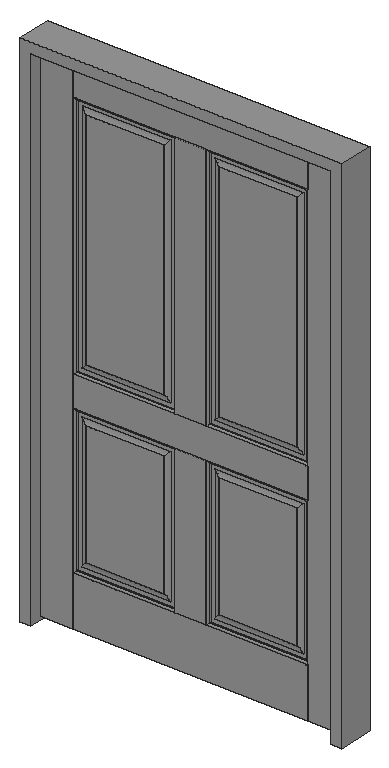
Revit family "I12004P", category Doors, host Wall, Revit 2015
Parameters (values of type "I12004P")
  Function = Interior
  Frame Projection Ext. = 25 mm
  Frame Projection Int. = 25 mm
  Frame Width = 75 mm
  Height = 2090 mm
  Wall Closure = By host
  Width = 1284 mm
Reference planes
  plane 1: y = 0
  plane 2 "Center (Left/Right)": x = 0
  plane 3 "Left": x = -642
  plane 4 "Right": x = 642
  plane 5: z = 2090
  plane 6 "Exterior": y = 75
  plane 7 "Interior": y = -75
Forms (mm)
  Sweep 1, solid, material "Lauan, Meranti"
    path origin (0, 75, 0) x (1, 0, 0) y (0, 0, 1)
      loop
        line (642, 0) -> (642, 2090) -> (-642, 2090) -> (-642, 0)
    profile "Van Acht 140x42 Pivot Door Frame Profile : Van Acht 140x42 Pivot Door Frame Profile" origin (642, 75, 1045) x (-1, 0, 0) y (0, -1, 0)
      loop
        line (0, 5) -> (42, 5) -> (42, 145) -> (0, 145) -> (0, 5)
  Extrusion 2, solid, material "Lauan, Meranti"
    sketch origin (193.5, -112.5, -4) x (0, 1, 0) y (0, 0, 1)
      loop
        line (122.5, 230) -> (122.5, 215) -> (102.5, 215) -> (102.5, 230) -> (98, 230) -> (98, 228)
        arc (98, 228) -> (93.634, 225.67) -> (92, 221) r 6.807
        line (92, 221) -> (90, 221) -> (90, 20) -> (135, 20) -> (135, 221) -> (133, 221)
        arc (133, 221) -> (131.366, 225.67) -> (127, 228) r 6.807
        line (127, 228) -> (127, 230) -> (122.5, 230)
      loop
        line (122.5, 815) -> (122.5, 800) -> (127, 800) -> (127, 802)
        arc (127, 802) -> (131.366, 804.33) -> (133, 809) r 6.807
        line (133, 809) -> (135, 809) -> (135, 931) -> (133, 931)
        arc (133, 931) -> (131.366, 935.67) -> (127, 938) r 6.807
        line (127, 938) -> (127, 940) -> (122.5, 940) -> (122.5, 925) -> (102.5, 925) -> (102.5, 940) -> (98, 940) -> (98, 938)
        arc (98, 938) -> (93.634, 935.67) -> (92, 931) r 6.807
        line (92, 931) -> (90, 931) -> (90, 809) -> (92, 809)
        arc (92, 809) -> (93.634, 804.33) -> (98, 802) r 6.807
        line (98, 802) -> (98, 800) -> (102.5, 800) -> (102.5, 815) -> (122.5, 815)
      loop
        line (122.5, 1927) -> (122.5, 1912) -> (127, 1912) -> (127, 1914)
        arc (127, 1914) -> (131.366, 1916.33) -> (133, 1921) r 6.807
        line (133, 1921) -> (135, 1921) -> (135, 2052) -> (90, 2052) -> (90, 1921) -> (92, 1921)
        arc (92, 1921) -> (93.634, 1916.33) -> (98, 1914) r 6.807
        line (98, 1914) -> (98, 1912) -> (102.5, 1912) -> (102.5, 1927) -> (122.5, 1927)
    from -662.5 to 275.5
  Extrusion 3, solid, material "Lauan, Meranti"
    sketch origin (193.5, -27.5, -4) x (1, 0, 0) y (0, 1, 0)
      loop
        line (-793.5, 50) -> (-793.5, 5) -> (-662.5, 5) -> (-662.5, 7)
        arc (-662.5, 7) -> (-657.765, 8.56) -> (-655.5, 13) r 6.549
        line (-655.5, 13) -> (-653.5, 13) -> (-653.5, 17.5) -> (-668.5, 17.5) -> (-668.5, 37.5) -> (-653.5, 37.5) -> (-653.5, 42) -> (-655.5, 42)
        arc (-655.5, 42) -> (-657.765, 46.44) -> (-662.5, 48) r 6.549
        line (-662.5, 48) -> (-662.5, 50) -> (-793.5, 50)
      loop
        line (406.5, 50) -> (275.5, 50) -> (275.5, 48)
        arc (275.5, 48) -> (270.765, 46.44) -> (268.5, 42) r 6.549
        line (268.5, 42) -> (266.5, 42) -> (266.5, 37.5) -> (281.5, 37.5) -> (281.5, 17.5) -> (266.5, 17.5) -> (266.5, 13) -> (268.5, 13)
        arc (268.5, 13) -> (270.765, 8.56) -> (275.5, 7) r 6.549
        line (275.5, 7) -> (275.5, 5) -> (406.5, 5) -> (406.5, 50)
    from 20 to 2052
  Sweep 4, solid, material "Lauan, Meranti"
    path origin (193.5, 47.5, -4) x (1, 0, 0) y (0, 0, 1)
      loop
        line (275.5, 1921) -> (-132.5, 1921) -> (-132.5, 931) -> (275.5, 931) -> (275.5, 1921)
    profile origin (265, 47.5, 1917) x (0, 0, -1) y (0, -1, 0)
      loop
        line (-4.5, 57.5) -> (-4.5, 37.5) -> (25.727, 37.5)
        arc (25.727, 37.5) -> (37.468, 35.847) -> (48.5, 31.5) r 50.456
        line (48.5, 31.5) -> (48.5, 63.5)
        arc (48.5, 63.5) -> (37.468, 59.153) -> (25.727, 57.5) r 50.456
        line (25.727, 57.5) -> (-4.5, 57.5)
  Sweep 5, solid, material "Lauan, Meranti"
    path origin (193.5, 47.5, -4) x (1, 0, 0) y (0, 0, 1)
      loop
        line (275.5, 809) -> (-132.5, 809) -> (-132.5, 221) -> (275.5, 221) -> (275.5, 809)
    profile origin (265, 47.5, 805) x (0, 0, -1) y (0, -1, 0)
      loop
        line (-4.5, 57.5) -> (-4.5, 37.5) -> (25.727, 37.5)
        arc (25.727, 37.5) -> (37.468, 35.847) -> (48.5, 31.5) r 50.456
        line (48.5, 31.5) -> (48.5, 63.5)
        arc (48.5, 63.5) -> (37.468, 59.153) -> (25.727, 57.5) r 50.456
        line (25.727, 57.5) -> (-4.5, 57.5)
  Extrusion 6, solid, material "Lauan, Meranti"
    sketch origin (193.5, 47.5, -4) x (1, 0, 0) y (0, 0, 1)
      loop
        line (227, 760.5) -> (-84, 760.5) -> (-84, 269.5) -> (227, 269.5) -> (227, 760.5)
    from 31.5 to 63.5
  Extrusion 7, solid, material "Lauan, Meranti"
    sketch origin (193.5, 47.5, 711) x (1, 0, 0) y (0, 0, 1)
      loop
        line (227, 1157.5) -> (-84, 1157.5) -> (-84, 264.5) -> (227, 264.5) -> (227, 1157.5)
    from 31.5 to 63.5
  Sweep 8, solid, material "Lauan, Meranti"
    path origin (-336.5, 47.5, -4) x (1, 0, 0) y (0, 0, 1)
      loop
        line (275.5, 1921) -> (-132.5, 1921) -> (-132.5, 931) -> (275.5, 931) -> (275.5, 1921)
    profile origin (-265, 47.5, 1917) x (0, 0, -1) y (0, -1, 0)
      loop
        line (-4.5, 57.5) -> (-4.5, 37.5) -> (25.727, 37.5)
        arc (25.727, 37.5) -> (37.468, 35.847) -> (48.5, 31.5) r 50.456
        line (48.5, 31.5) -> (48.5, 63.5)
        arc (48.5, 63.5) -> (37.468, 59.153) -> (25.727, 57.5) r 50.456
        line (25.727, 57.5) -> (-4.5, 57.5)
  Sweep 9, solid, material "Lauan, Meranti"
    path origin (-336.5, 47.5, -4) x (1, 0, 0) y (0, 0, 1)
      loop
        line (275.5, 809) -> (-132.5, 809) -> (-132.5, 221) -> (275.5, 221) -> (275.5, 809)
    profile origin (-265, 47.5, 805) x (0, 0, -1) y (0, -1, 0)
      loop
        line (-4.5, 57.5) -> (-4.5, 37.5) -> (25.727, 37.5)
        arc (25.727, 37.5) -> (37.468, 35.847) -> (48.5, 31.5) r 50.456
        line (48.5, 31.5) -> (48.5, 63.5)
        arc (48.5, 63.5) -> (37.468, 59.153) -> (25.727, 57.5) r 50.456
        line (25.727, 57.5) -> (-4.5, 57.5)
  Extrusion 10, solid, material "Lauan, Meranti"
    sketch origin (-336.5, 47.5, -4) x (1, 0, 0) y (0, 0, 1)
      loop
        line (227, 760.5) -> (-84, 760.5) -> (-84, 269.5) -> (227, 269.5) -> (227, 760.5)
    from 31.5 to 63.5
  Extrusion 11, solid, material "Lauan, Meranti"
    sketch origin (-336.5, 47.5, 711) x (1, 0, 0) y (0, 0, 1)
      loop
        line (227, 1157.5) -> (-84, 1157.5) -> (-84, 264.5) -> (227, 264.5) -> (227, 1157.5)
    from 31.5 to 63.5
  Extrusion 12, solid, material "Lauan, Meranti"
    sketch origin (0, 0, 0) x (1, 0, 0) y (0, 1, 0)
      loop
        line (-68, 14.5) -> (-70, 14.5) -> (-70, 10) -> (-55, 10) -> (-55, -10) -> (-70, -10) -> (-70, -14.5) -> (-68, -14.5)
        arc (-68, -14.5) -> (-65.735, -18.94) -> (-61, -20.5) r 6.549
        line (-61, -20.5) -> (-61, -22.5) -> (61, -22.5) -> (61, -20.5)
        arc (61, -20.5) -> (65.735, -18.94) -> (68, -14.5) r 6.549
        line (68, -14.5) -> (70, -14.5) -> (70, -10) -> (55, -10) -> (55, 10) -> (70, 10) -> (70, 14.5) -> (68, 14.5)
        arc (68, 14.5) -> (65.735, 18.94) -> (61, 20.5) r 6.549
        line (61, 20.5) -> (61, 22.5) -> (-61, 22.5) -> (-61, 20.5)
        arc (-61, 20.5) -> (-65.735, 18.94) -> (-68, 14.5) r 6.549
    from 217 to 805
  Extrusion 13, solid, material "Lauan, Meranti"
    sketch origin (0, 0, 665) x (1, 0, 0) y (0, 1, 0)
      loop
        line (-68, 14.5) -> (-70, 14.5) -> (-70, 10) -> (-55, 10) -> (-55, -10) -> (-70, -10) -> (-70, -14.5) -> (-68, -14.5)
        arc (-68, -14.5) -> (-65.735, -18.94) -> (-61, -20.5) r 6.549
        line (-61, -20.5) -> (-61, -22.5) -> (61, -22.5) -> (61, -20.5)
        arc (61, -20.5) -> (65.735, -18.94) -> (68, -14.5) r 6.549
        line (68, -14.5) -> (70, -14.5) -> (70, -10) -> (55, -10) -> (55, 10) -> (70, 10) -> (70, 14.5) -> (68, 14.5)
        arc (68, 14.5) -> (65.735, 18.94) -> (61, 20.5) r 6.549
        line (61, 20.5) -> (61, 22.5) -> (-61, 22.5) -> (-61, 20.5)
        arc (-61, 20.5) -> (-65.735, 18.94) -> (-68, 14.5) r 6.549
    from 262 to 1252
Lines and regions (mm)
  Opening 1
    outline origin (-3050, -75, 0) x (1, 0, 0) y (0, 0, 1)
      loop
        line (2408, 0) -> (3692, 0) -> (3692, 2090) -> (2408, 2090) -> (2408, 0)
  symbolic lines, style "Elevation Swing"
    curve 1: line (642, -75, 1045) -> (-300, -75, 2048)
    curve 2: line (642, -75, 1045) -> (-300, -75, 0)
    curve 3: line (-600, -75, 1045) -> (-300, -75, 2048)
    curve 4: line (-600, -75, 1045) -> (-300, -75, 0)
  model lines
    curve 5: line (-600, 22.5, 0) -> (600, 22.5, 0)
    curve 6: line (-600, -22.5, 0) -> (600, -22.5, 0)
    curve 7: line (-300, 22.5, 0) -> (-300, 922.5, 0)
    curve 8: arc (600, 22.5, 0) -> (336.396, 658.896, 0) -> (-300, 922.5, 0) r 900
    curve 9: line (-300, -22.5, 0) -> (-300, -322.5, 0)
    curve 10: arc (-300, -322.5, 0) -> (-512.132, -234.632, 0) -> (-600, -22.5, 0) r 300
  model lines, style "Elevation Swing"
    curve 11: line (-300, 0, 0) -> (-300, 0, 2048)
Text (mm)
  text "Exterior" at (-2295.016, 1099.543, 0), in view "Ref. Level"
  text "Exterior" at (0, 1615.38, 3698.081), in view "Left"
  text "Exterior" at (0, 1036.032, 3874.932), in view "Right"
Dimensions and locks
  equal spacing: plane 3 "Left", plane 2 "Center (Left/Right)", plane 4 "Right"
  "Width": plane 3 "Left" to plane 4 "Right"
  "Height": plane 5 to host wall
  equal spacing: host wall, curve 2, plane 5
  host wall to plane 5 = 2090 mm
  locked: plane 6 "Exterior" to host wall at 0
  locked: plane 7 "Interior" to host wall
  aligned and locked: plane 3 "Left" to Opening 1 sketch curve
  aligned and locked: plane 5 to Opening 1 sketch curve  (x2)
  aligned and locked: Opening 1 sketch curve to plane 4 "Right"
  aligned and locked: Opening 1 sketch curve to level
  aligned and locked: plane 1 to host wall
  aligned and locked: Extrusion 7 to Sweep 4
  aligned and locked: Extrusion 6 to Sweep 5
  aligned and locked: Extrusion 11 to Sweep 8
  aligned and locked: Extrusion 10 to Sweep 9
  aligned and locked: Extrusion 12 to Extrusion 2  (x2)
  aligned and locked: Extrusion 13 to Extrusion 2  (x2)
Automatic sketch dimensions
  curve 11 to level = 0 mm
  curve 2 to level = 0 mm
  plane 4 "Right" to curve 2 = 0 mm
  plane 5 to curve 11 = 42 mm
  curve 1 to curve 11 = 0 mm  (x2)
  curve 11 to plane 2 "Center (Left/Right)" = 300 mm
  curve 2 to curve 11 = 0 mm
  plane 3 "Left" to Sweep 1 sketch curve = 0 mm
  plane 4 "Right" to Sweep 1 sketch curve = 0 mm
  Sweep 1 sketch curve to level = 0 mm  (x2)
  Sweep 1 sketch curve to plane 5 = 0 mm
  curve 4 to level = 0 mm
  curve 4 to plane 3 "Left" = 42 mm
  level to curve 4 = 1045 mm
  curve 4 to plane 2 "Center (Left/Right)" = 300 mm
  plane 5 to curve 3 = 42 mm
  curve 3 to plane 2 "Center (Left/Right)" = 300 mm
  curve 6 to plane 3 "Left" = 42 mm
  curve 7 to plane 2 "Center (Left/Right)" = 300 mm
  curve 10 to curve 8 = 0 mm
  plane 4 "Right" to curve 5 = 42 mm
  host wall to curve 9 = 247.5 mm
  curve 5 to host wall = 22.5 mm
  curve 5 to plane 3 "Left" = 42 mm
  plane 4 "Right" to curve 6 = 42 mm
  host wall to Extrusion 2 sketch curve = 22.5 mm  (x3)
  Extrusion 2 sketch curve to Extrusion 2 sketch curve = 2 mm  (x15)
  Extrusion 2 sketch curve to Extrusion 2 sketch curve = 6 mm  (x8)
  Extrusion 2 sketch curve to Extrusion 2 sketch curve = 0.803 mm  (x3)
  Extrusion 2 sketch curve to Extrusion 2 sketch curve = 6.803 mm  (x5)
  Extrusion 2 sketch curve to Extrusion 2 sketch curve = 3.697 mm  (x6)
  Extrusion 2 sketch curve to Extrusion 2 sketch curve = 4.5 mm  (x6)
  Extrusion 2 sketch curve to host wall = 10 mm  (x4)
  level to Extrusion 2 sketch curve = 16 mm
  Extrusion 2 sketch curve to Extrusion 2 sketch curve = 195 mm
  Extrusion 2 sketch curve to Extrusion 2 sketch curve = 0.241 mm  (x4)
  Extrusion 2 sketch curve to Extrusion 2 sketch curve = 570 mm
  Extrusion 2 sketch curve to Extrusion 2 sketch curve = 0 mm  (x2)
  Extrusion 2 sketch curve to Extrusion 2 sketch curve = 6.759 mm  (x4)
  Extrusion 2 sketch curve to Extrusion 2 sketch curve = 6.241 mm  (x2)
  Extrusion 2 sketch curve to Extrusion 2 sketch curve = 110 mm
  plane 5 to Extrusion 2 sketch curve = 182 mm
  plane 5 to Extrusion 2 sketch curve = 42 mm
  Extrusion 3 sketch curve to plane 3 "Left" = 42 mm
  host wall to Extrusion 3 sketch curve = 10 mm  (x2)
  Extrusion 3 sketch curve to Extrusion 3 sketch curve = 125 mm
  Extrusion 3 sketch curve to Extrusion 3 sketch curve = 6 mm  (x2)
  Extrusion 3 sketch curve to Extrusion 3 sketch curve = 0.473 mm  (x4)
  Extrusion 3 sketch curve to Extrusion 3 sketch curve = 6.527 mm  (x4)
  Extrusion 3 sketch curve to Extrusion 3 sketch curve = 2 mm  (x8)
  Extrusion 3 sketch curve to host wall = 14.5 mm
  plane 4 "Right" to Extrusion 3 sketch curve = 182 mm
  Extrusion 3 sketch curve to Extrusion 3 sketch curve = 0 mm
  Extrusion 3 sketch curve to Extrusion 3 sketch curve = 6.473 mm
  plane 4 "Right" to Extrusion 3 sketch curve = 42 mm
  Extrusion 3 sketch curve to Extrusion 3 sketch curve = 3.968 mm  (x3)
  Extrusion 3 sketch curve to Extrusion 3 sketch curve = 4.5 mm  (x3)
  Extrusion 3 sketch curve to host wall = 10 mm  (x2)
  Extrusion 3 sketch curve to Extrusion 3 sketch curve = 0.532 mm
  plane 2 "Center (Left/Right)" to Sweep 4 sketch curve = 61 mm
  plane 4 "Right" to Sweep 4 sketch curve = 173 mm
  level to Sweep 4 sketch curve = 927 mm
  plane 5 to Sweep 4 sketch curve = 173 mm
  profile plane to Sweep 4 sketch curve = 4.5 mm
  Sweep 4 sketch curve to profile plane = 24.613 mm  (x2)
  Sweep 4 sketch curve to profile plane = 25.727 mm
  Sweep 4 sketch curve to Sweep 4 sketch curve = 0 mm
  Sweep 4 sketch curve to Sweep 4 sketch curve = 22.773 mm
  Sweep 4 sketch curve to profile plane = 12.944 mm
  profile plane to Sweep 4 sketch curve = 31.5 mm
  Sweep 4 sketch curve to Sweep 4 sketch curve = 20 mm
  Sweep 4 sketch curve to Sweep 4 sketch curve = 6 mm
  plane 2 "Center (Left/Right)" to Sweep 5 sketch curve = 61 mm
  plane 4 "Right" to Sweep 5 sketch curve = 173 mm
  level to Sweep 5 sketch curve = 217 mm
  Sweep 5 sketch curve to Sweep 5 sketch curve = 588 mm
  profile plane to Sweep 5 sketch curve = 4.5 mm
  Sweep 5 sketch curve to profile plane = 24.613 mm  (x2)
  Sweep 5 sketch curve to profile plane = 25.727 mm
  Sweep 5 sketch curve to Sweep 5 sketch curve = 0 mm
  Sweep 5 sketch curve to Sweep 5 sketch curve = 22.773 mm
  Sweep 5 sketch curve to profile plane = 12.944 mm
  profile plane to Sweep 5 sketch curve = 31.5 mm
  Sweep 5 sketch curve to Sweep 5 sketch curve = 20 mm
  Sweep 5 sketch curve to Sweep 5 sketch curve = 6 mm
  plane 2 "Center (Left/Right)" to Extrusion 6 sketch curve = 109.5 mm
  plane 4 "Right" to Extrusion 6 sketch curve = 221.5 mm
  level to Extrusion 6 sketch curve = 265.5 mm
  Extrusion 6 sketch curve to Extrusion 6 sketch curve = 491 mm
  plane 2 "Center (Left/Right)" to Extrusion 7 sketch curve = 109.5 mm
  plane 4 "Right" to Extrusion 7 sketch curve = 221.5 mm
  level to Extrusion 7 sketch curve = 975.5 mm
  plane 5 to Extrusion 7 sketch curve = 221.5 mm
  Sweep 8 sketch curve to plane 3 "Left" = 173 mm
  Sweep 8 sketch curve to plane 2 "Center (Left/Right)" = 61 mm
  level to Sweep 8 sketch curve = 927 mm
  plane 5 to Sweep 8 sketch curve = 173 mm
  profile plane to Sweep 8 sketch curve = 4.5 mm
  Sweep 8 sketch curve to profile plane = 24.613 mm  (x2)
  Sweep 8 sketch curve to profile plane = 25.727 mm
  Sweep 8 sketch curve to Sweep 8 sketch curve = 0 mm
  Sweep 8 sketch curve to Sweep 8 sketch curve = 22.773 mm
  Sweep 8 sketch curve to profile plane = 12.944 mm
  profile plane to Sweep 8 sketch curve = 31.5 mm
  Sweep 8 sketch curve to Sweep 8 sketch curve = 20 mm
  Sweep 8 sketch curve to Sweep 8 sketch curve = 6 mm
  Sweep 9 sketch curve to plane 3 "Left" = 173 mm
  Sweep 9 sketch curve to plane 2 "Center (Left/Right)" = 61 mm
  level to Sweep 9 sketch curve = 217 mm
  Sweep 9 sketch curve to Sweep 9 sketch curve = 588 mm
  profile plane to Sweep 9 sketch curve = 4.5 mm
  Sweep 9 sketch curve to profile plane = 24.613 mm  (x2)
  Sweep 9 sketch curve to profile plane = 25.727 mm
  Sweep 9 sketch curve to Sweep 9 sketch curve = 0 mm
  Sweep 9 sketch curve to Sweep 9 sketch curve = 22.773 mm
  Sweep 9 sketch curve to profile plane = 12.944 mm
  profile plane to Sweep 9 sketch curve = 31.5 mm
  Sweep 9 sketch curve to Sweep 9 sketch curve = 20 mm
  Sweep 9 sketch curve to Sweep 9 sketch curve = 6 mm
  Extrusion 10 sketch curve to plane 3 "Left" = 221.5 mm
  Extrusion 10 sketch curve to plane 2 "Center (Left/Right)" = 109.5 mm
  level to Extrusion 10 sketch curve = 265.5 mm
  Extrusion 10 sketch curve to Extrusion 10 sketch curve = 491 mm
  Extrusion 11 sketch curve to plane 3 "Left" = 221.5 mm
  Extrusion 11 sketch curve to plane 2 "Center (Left/Right)" = 109.5 mm
  level to Extrusion 11 sketch curve = 975.5 mm
  plane 5 to Extrusion 11 sketch curve = 221.5 mm
  Extrusion 12 sketch curve to host wall = 10 mm  (x2)
  Extrusion 12 sketch curve to plane 2 "Center (Left/Right)" = 70 mm
  host wall to Extrusion 12 sketch curve = 14.5 mm
  Extrusion 12 sketch curve to Extrusion 12 sketch curve = 0 mm
  Extrusion 12 sketch curve to Extrusion 12 sketch curve = 2 mm  (x6)
  Extrusion 12 sketch curve to Extrusion 12 sketch curve = 6.527 mm  (x4)
  Extrusion 12 sketch curve to Extrusion 12 sketch curve = 0.473 mm  (x4)
  Extrusion 12 sketch curve to Extrusion 12 sketch curve = 6.473 mm
  plane 2 "Center (Left/Right)" to Extrusion 12 sketch curve = 55 mm
  Extrusion 12 sketch curve to Extrusion 12 sketch curve = 6 mm  (x4)
  host wall to Extrusion 12 sketch curve = 20.5 mm
  Extrusion 12 sketch curve to Extrusion 12 sketch curve = 4.5 mm  (x4)
  Extrusion 12 sketch curve to Extrusion 12 sketch curve = 3.968 mm  (x2)
  Extrusion 13 sketch curve to host wall = 10 mm  (x2)
  Extrusion 13 sketch curve to plane 2 "Center (Left/Right)" = 70 mm
  host wall to Extrusion 13 sketch curve = 14.5 mm
  Extrusion 13 sketch curve to Extrusion 13 sketch curve = 0 mm
  Extrusion 13 sketch curve to Extrusion 13 sketch curve = 2 mm  (x6)
  Extrusion 13 sketch curve to Extrusion 13 sketch curve = 6.527 mm  (x4)
  Extrusion 13 sketch curve to Extrusion 13 sketch curve = 0.473 mm  (x4)
  Extrusion 13 sketch curve to Extrusion 13 sketch curve = 6.473 mm
  plane 2 "Center (Left/Right)" to Extrusion 13 sketch curve = 55 mm
  Extrusion 13 sketch curve to Extrusion 13 sketch curve = 6 mm  (x4)
  host wall to Extrusion 13 sketch curve = 20.5 mm
  Extrusion 13 sketch curve to Extrusion 13 sketch curve = 4.5 mm  (x4)
  Extrusion 13 sketch curve to Extrusion 13 sketch curve = 3.968 mm  (x2)
